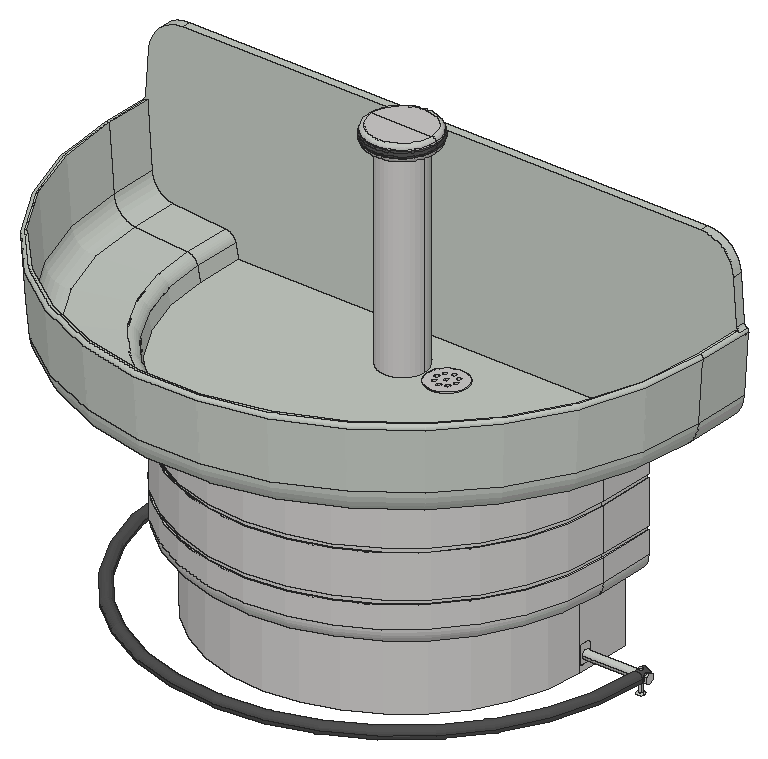
Revit family "Washfountain_Lavatory-Bradley_Corp-WF2504-Type_O_Drain", category Plumbing Fixtures, Revit 2012 (continued)
Lines and regions (in)
  model lines, not visible
    curve 172: arc (21.00049, -5.09016, 0) -> (0, -26.09065, 0) -> (-21.00049, -5.09016, 0) r 21.00049
    curve 173: line (21.00049, -4.125, 0) -> (21.00049, -5.09016, 0)
  sketch lines
    curve 17: line (-26.97649, -5.09016, 29.5) -> (-26.97649, 0, 29.5)
    curve 18: arc (-26.97649, -5.09016, 29.5) -> (0, -32.06665, 29.5) -> (26.97649, -5.09016, 29.5) r 26.97649
    curve 19: line (26.97649, -5.09016, 29.5) -> (26.97649, 0, 29.5)
    curve 20: line (-26.97649, -5.09016, 29.5) -> (-26.97649, 0, 29.5)
    curve 21: arc (-26.97649, -5.09016, 29.5) -> (0, -32.06665, 29.5) -> (26.97649, -5.09016, 29.5) r 26.97649
    curve 22: line (26.97649, -5.09016, 29.5) -> (26.97649, 0, 29.5)
    curve 26: line (-18.00049, 0, 19) -> (-18.00049, -5.09016, 19)
    curve 27: arc (-18.00049, -5.09016, 19) -> (0, -23.09065, 19) -> (18.00049, -5.09016, 19) r 18.00049
    curve 28: line (18.00049, -5.09016, 19) -> (18.00049, 0, 19)
    curve 29: line (-18.00049, 0, 19) -> (-18.00049, -5.09016, 19)
    curve 30: arc (-18.00049, -5.09016, 19) -> (0, -23.09065, 19) -> (18.00049, -5.09016, 19) r 18.00049
    curve 31: line (18.00049, -5.09016, 19) -> (18.00049, 0, 19)
    curve 32: line (-18.00049, 0, 19) -> (-18.00049, -5.09016, 19)
    curve 33: arc (-18.00049, -5.09016, 19) -> (0, -23.09065, 19) -> (18.00049, -5.09016, 19) r 18.00049
    curve 34: line (18.00049, -5.09016, 19) -> (18.00049, 0, 19)
    curve 35: line (-18.00049, 0, 19) -> (-18.00049, -5.09016, 19)
    curve 36: arc (-18.00049, -5.09016, 19) -> (0, -23.09065, 19) -> (18.00049, -5.09016, 19) r 18.00049
    curve 37: line (18.00049, -5.09016, 19) -> (18.00049, 0, 19)
    curve 174: line (-21.00049, -5.09016, 0) -> (-21.00049, -4.125, 0)
    curve 175: arc (21.00049, -5.09016, 0) -> (0, -26.09065, 0) -> (-21.00049, -5.09016, 0) r 21.00049
    curve 176: line (21.00049, -4.125, 0) -> (21.00049, -5.09016, 0)
  symbolic lines, visible <- "Standard Height"
    curve 38: line (-15.8525, 0, 6.50286) -> (15.85299, 0, 6.50286)
    curve 59: line (0, -20.94266, 6.50286) -> (0, 0, 6.50286)
  symbolic lines, visible <- "Standard Height", detail levels fine
    curve 39: line (17.87156, 0, 10.0615) -> (-17.87156, 0, 10.0615)
    curve 41: line (17.87156, 0, 10.43646) -> (-17.87156, 0, 10.43646)
    curve 42: line (17.87156, 0, 14.24904) -> (-17.87156, 0, 14.24904)
    curve 44: line (17.87156, 0, 14.624) -> (-17.87156, 0, 14.624)
    curve 60: line (0, -22.9605, 10.0615) -> (0, 0, 10.0615)
    curve 61: line (0, -22.9605, 10.43646) -> (0, 0, 10.43646)
    curve 63: line (0, -22.9605, 14.24904) -> (0, 0, 14.24904)
    curve 64: line (0, -22.9605, 14.624) -> (0, 0, 14.624)
  symbolic lines, visible <- "Standard Height", detail levels medium
    curve 40: line (-17.87156, 0, 10.24898) -> (17.87156, 0, 10.24898)
    curve 43: line (-17.87156, 0, 14.43652) -> (17.87156, 0, 14.43652)
    curve 62: line (0, -22.9605, 10.24898) -> (0, 0, 10.24898)
    curve 65: line (0, -22.9605, 14.43652) -> (0, 0, 14.43652)
  symbolic lines, visible <- "Juvenile Height"
    curve 45: line (-15.8525, 0, 9.1514) -> (15.8525, 0, 9.1514)
    curve 52: line (0, -20.94266, 9.1514) -> (0, 0, 9.1514)
  symbolic lines, visible <- "Juvenile Height", detail levels fine
    curve 46: line (17.89889, 0, 11.95585) -> (-17.89889, 0, 11.95585)
    curve 47: line (-17.89889, 0, 12.25134) -> (17.89889, 0, 12.25134)
    curve 49: line (17.89889, 0, 15.25592) -> (-17.89889, 0, 15.25592)
    curve 50: line (-17.89889, 0, 15.55141) -> (17.89889, 0, 15.55141)
    curve 53: line (0, -22.98904, 11.95585) -> (0, 0, 11.95585)
    curve 54: line (0, -22.98904, 12.25134) -> (0, 0, 12.25134)
    curve 56: line (0, -22.98904, 15.25592) -> (0, 0, 15.25592)
    curve 57: line (0, -22.98904, 15.55141) -> (0, 0, 15.55141)
  symbolic lines, visible <- "Juvenile Height", detail levels medium
    curve 48: line (17.89889, 0, 12.1036) -> (-17.89889, 0, 12.1036)
    curve 51: line (17.89889, 0, 15.40367) -> (-17.89889, 0, 15.40367)
    curve 55: line (0, -22.98904, 12.1036) -> (0, 0, 12.1036)
    curve 58: line (0, -22.98904, 15.40367) -> (0, 0, 15.40367)
  symbolic lines, detail levels coarse
    curve 66: line (0, -24.19857, 21.03318) -> (0, 0, 21.03318)
    curve 102: line (26.76758, 0, 29.5) -> (26.99999, 0, 29.5)
    curve 103: line (-26.76758, 0, 29.5) -> (-26.99999, 0, 29.5)
  symbolic lines, detail levels medium+fine
    curve 67: arc (0, -24.5796, 21.06589) -> (0, -20.96589, 20.75555) -> (0, -17.33954, 20.68645) r 54.45771
    curve 68: arc (-19.4921, -32.2274, 21.06542) -> (0, -32.2274, 20.35292) -> (19.4921, -32.2274, 21.06542) r 266.9846
    curve 73: line (-3.035, -5.25, 38.30527) -> (3.035, -5.25, 38.30527)
    curve 76: line (3.035, -5.25, 37.80542) -> (-3.03521, -5.25, 37.80542)
    curve 86: line (0, -2.215, 38.30527) -> (0, -8.28501, 38.30527)
    curve 89: line (0, -8.285, 37.80542) -> (0, -2.21501, 37.80542)
    curve 155: circle (0, -5.25, 38.75) r 3.035 normal (0, 0, 1)
    curve 209: circle (4, -5.25, 29.5) r 1.25 normal (0, 0, 1)
    curve 210: circle (4, -5.25, 29.5) r 0.1842 normal (0, 0, 1)
    curve 211: circle (4, -4.37229, 29.5) r 0.1842 normal (0, 0, 1)
    curve 212: circle (4.62063, -4.62937, 29.5) r 0.1842 normal (0, 0, 1)
    curve 213: circle (4.87771, -5.25, 29.5) r 0.1842 normal (0, 0, 1)
    curve 214: circle (4.62063, -5.87063, 29.5) r 0.1842 normal (0, 0, 1)
    curve 215: circle (4, -6.12771, 29.5) r 0.1842 normal (0, 0, 1)
    curve 216: circle (3.37937, -5.87063, 29.5) r 0.1842 normal (0, 0, 1)
    curve 217: circle (3.12229, -5.25, 29.5) r 0.1842 normal (0, 0, 1)
    curve 218: circle (3.37937, -4.62937, 29.5) r 0.1842 normal (0, 0, 1)
  symbolic lines, visible <- "Sensor Module", detail levels fine
    curve 69: line (-4.49987, -5.25, 41.68459) -> (4.49987, -5.25, 41.68459)
    curve 92: line (0, -0.75014, 41.68459) -> (0, -9.75014, 41.68459)
  symbolic lines, visible <- "Sensor Module", detail levels medium
    curve 70: line (4.57537, -5.25, 40.23512) -> (-4.57537, -5.25, 40.23512)
    curve 93: line (0, -9.82537, 40.23512) -> (0, -0.67463, 40.23512)
  symbolic lines, visible <- "Sensor Module"
    curve 71: line (-2, -5.25, 39.40962) -> (1.99689, -5.25, 39.40962)
    curve 94: line (0, -3.25001, 39.40962) -> (0, -7.25, 39.40962)
  symbolic lines, detail levels medium
    curve 72: line (-3.125, -5.25, 38.30527) -> (-3.035, -5.25, 38.30527)
    curve 74: line (3.035, -5.25, 38.30527) -> (3.125, -5.25, 38.30527)
    curve 75: line (3.125, -5.25, 37.80542) -> (3.035, -5.25, 37.80542)
    curve 77: line (-3.03521, -5.25, 37.80542) -> (-3.125, -5.25, 37.80542)
    curve 85: line (0, -2.125, 38.30527) -> (0, -2.215, 38.30527)
    curve 87: line (0, -8.28501, 38.30527) -> (0, -8.375, 38.30527)
    curve 88: line (0, -8.375, 37.80542) -> (0, -8.285, 37.80542)
    curve 90: line (0, -2.21501, 37.80542) -> (0, -2.125, 37.80542)
  symbolic lines
    curve 78: line (-2, -5.25, 37.36037) -> (2, -5.25, 37.36037)
    curve 91: line (0, -3.25001, 37.36037) -> (0, -7.25001, 37.36037)
    curve 101: line (-26.76758, 0, 29.5) -> (26.76758, 0, 29.5)
    curve 146: line (-18.00049, -5.09016, 29.5) -> (-18.00049, -0.8003, 29.5)
    curve 147: arc (-18.00049, -5.09016, 29.5) -> (0, -23.09065, 29.5) -> (18.00049, -5.09016, 29.5) r 18.00049
    curve 148: line (18.00049, -0.8003, 29.5) -> (18.00049, -5.09016, 29.5)
    curve 156: line (-26.99999, -0.8003, 29.5) -> (26.99999, -0.8003, 29.5)
    curve 204: line (-26.50049, -5.09016, 29.5) -> (-26.50049, -0.8003, 29.5)
    curve 205: arc (26.50049, -5.09016, 29.5) -> (0, -31.59065, 29.5) -> (-26.50049, -5.09016, 29.5) r 26.50049
    curve 206: line (26.50049, -0.8003, 29.5) -> (26.50049, -5.09016, 29.5)
    curve 208: circle (4, -5.25, 29.5) r 1.75 normal (0, 0, 1)
  symbolic lines, visible <- "Soap Dispenser", detail levels medium+fine
    curve 79: line (-6.24592, -5.25, 46.25047) -> (6.24592, -5.25, 46.25047)
    curve 96: line (0, -11.49592, 46.25047) -> (0, -3, 46.25047)
    curve 151: line (-5.85471, -3, 47.25) -> (-5.85471, -5.25, 47.25)
    curve 152: arc (5.85471, -5.25, 47.25) -> (0, -11.10471, 47.25) -> (-5.85471, -5.25, 47.25) r 5.85471
    curve 153: line (5.85471, -5.25, 47.25) -> (5.85471, -3, 47.25)
  symbolic lines, visible <- "Soap Dispenser", detail levels fine
    curve 80: line (6.24592, -5.25, 46.87642) -> (-6.24592, -5.25, 46.87642)
    curve 81: line (-5.97, -5.25, 45.63597) -> (5.97, -5.25, 45.63597)
    curve 82: line (5.93, -5.25, 44.38597) -> (-5.93, -5.25, 44.38597)
    curve 83: line (-5.88598, -5.25, 43.13598) -> (5.88598, -5.25, 43.13598)
    curve 84: line (5.85471, -5.25, 41.88597) -> (-5.85471, -5.25, 41.88597)
    curve 95: line (0, -11.49592, 46.87642) -> (0, -3, 46.87642)
    curve 97: line (0, -11.22, 45.63597) -> (0, -3, 45.63597)
    curve 98: line (0, -11.18, 44.38597) -> (0, -3, 44.38597)
    curve 99: line (0, -11.13598, 43.13598) -> (0, -3, 43.13598)
    curve 100: line (0, -11.10471, 41.88597) -> (0, -3, 41.88597)
  model lines, visible <- "Towel Dispenser", detail levels fine
    curve 106: spline (3.55188, -13.597, 53.37502) -> (3.64368, -13.43362, 56.41615) -> (3.91281, -12.95459, 59.25002) -> (4.34094, -12.19257, 61.68353) -> (4.89888, -11.19948, 63.55082) -> (5.54862, -10.04301, 64.72465) -> (6.24588, -8.80197, 65.12502) -> (6.94314, -7.56092, 64.72465) -> (7.59288, -6.40445, 63.55082) -> (8.15082, -5.41136, 61.68353) -> (8.57895, -4.64934, 59.25002) -> (8.84808, -4.17032, 56.41615) -> (8.93988, -4.00693, 53.37502)
    curve 107: spline (-8.93988, -4.00693, 53.37502) -> (-8.84808, -4.17032, 56.41615) -> (-8.57895, -4.64934, 59.25002) -> (-8.15082, -5.41136, 61.68353) -> (-7.59288, -6.40445, 63.55082) -> (-6.94314, -7.56092, 64.72465) -> (-6.24588, -8.80197, 65.12502) -> (-5.54862, -10.04301, 64.72465) -> (-4.89888, -11.19948, 63.55082) -> (-4.34094, -12.19257, 61.68353) -> (-3.91281, -12.95459, 59.25002) -> (-3.64368, -13.43362, 56.41615) -> (-3.55188, -13.597, 53.37502)
    curve 140: spline (-7.98129, -5.71312, 55.97659) -> (-7.96197, -5.74749, 56.01066) -> (-7.94398, -5.77953, 56.11056) -> (-7.92852, -5.80703, 56.26948) -> (-7.91666, -5.82814, 56.47659) -> (-7.90921, -5.84141, 56.71777) -> (-7.90667, -5.84593, 56.97659) -> (-7.90921, -5.84141, 57.2354) -> (-7.91666, -5.82814, 57.47659) -> (-7.92852, -5.80703, 57.68369) -> (-7.94398, -5.77953, 57.84261) -> (-7.96197, -5.74749, 57.94251) -> (-7.98129, -5.71312, 57.97659) -> (-8.0006, -5.67874, 57.94251) -> (-8.0186, -5.64671, 57.84261) -> (-8.03405, -5.6192, 57.68369) -> (-8.04591, -5.59809, 57.47659) -> (-8.05337, -5.58483, 57.2354) -> (-8.05591, -5.5803, 56.97659) -> (-8.05337, -5.58483, 56.71777) -> (-8.04591, -5.59809, 56.47659) -> (-8.03405, -5.6192, 56.26948) -> (-8.0186, -5.64671, 56.11056) -> (-8.0006, -5.67874, 56.01066) -> (-7.98129, -5.71312, 55.97659)
    curve 141: spline (4.51047, -11.89081, 55.97659) -> (4.52978, -11.85644, 56.01066) -> (4.54778, -11.82441, 56.11056) -> (4.56324, -11.7969, 56.26948) -> (4.57509, -11.77579, 56.47659) -> (4.58255, -11.76252, 56.71777) -> (4.58509, -11.758, 56.97659) -> (4.58255, -11.76252, 57.2354) -> (4.57509, -11.77579, 57.47659) -> (4.56324, -11.7969, 57.68369) -> (4.54778, -11.82441, 57.84261) -> (4.52978, -11.85644, 57.94251) -> (4.51047, -11.89081, 57.97659) -> (4.49116, -11.92519, 57.94251) -> (4.47316, -11.95722, 57.84261) -> (4.45771, -11.98473, 57.68369) -> (4.44585, -12.00584, 57.47659) -> (4.43839, -12.01911, 57.2354) -> (4.43585, -12.02363, 56.97659) -> (4.43839, -12.01911, 56.71777) -> (4.44585, -12.00584, 56.47659) -> (4.45771, -11.98473, 56.26948) -> (4.47316, -11.95722, 56.11056) -> (4.49116, -11.92519, 56.01066) -> (4.51047, -11.89081, 55.97659)
  symbolic lines, visible <- "Towel Dispenser"
    curve 108: line (-8.93988, -27, 66.62567) -> (-3.55188, -27, 66.62567)
    curve 109: line (-0.06458, -27, 67.313) -> (-3.55188, -27, 66.62567)
    curve 110: line (3.55188, -27, 66.62567) -> (0.06458, -27, 67.313)
    curve 111: line (8.93988, -27, 66.62567) -> (3.55188, -27, 66.62567)
    curve 112: line (3.55188, -27, 53.37502) -> (3.55188, -27, 66.62567)
    curve 113: line (-3.55188, -27, 66.62567) -> (-3.55188, -27, 53.37502)
    curve 114: line (-8.93988, -27, 53.37502) -> (-3.55188, -27, 53.37502)
    curve 115: line (-3.55188, -27, 53.37502) -> (-1.59028, -27, 52)
    curve 116: line (1.59028, -27, 52) -> (3.55188, -27, 53.37502)
    curve 125: line (0.06458, -27, 67.313) -> (0.06458, -27, 52)
    curve 126: line (-0.06458, -27, 52) -> (-0.06458, -27, 67.313)
    curve 130: line (0, -4.00693, 66.62567) -> (0, -2.04766, 67.313)
    curve 131: line (0, -4.00693, 66.62567) -> (0, -13.597, 66.62567)
    curve 132: line (0, -4.00693, 53.37502) -> (0, -4.00693, 66.62567)
    curve 133: line (0, -4.00693, 53.37502) -> (0, -13.597, 53.37502)
    curve 134: line (0, -2.90484, 52) -> (0, -4.00693, 53.37502)
    curve 145: line (8.93988, -27, 53.37502) -> (3.55188, -27, 53.37502)
    curve 149: line (-6.97827, -2.90484, 52) -> (-1.59028, -12.49491, 52)
    curve 150: line (6.97827, -2.90484, 52) -> (1.59028, -12.49491, 52)
    curve 157: line (-0.06458, -11.63773, 52) -> (-5.45258, -2.04766, 52)
    curve 158: line (5.45258, -2.04766, 52) -> (0.06458, -11.63773, 52)
    curve 160: line (-5.45258, 3, 67.313) -> (-5.45258, 3, 52)
    curve 161: line (5.45258, 3, 67.313) -> (5.45258, 3, 52)
    curve 162: line (5.45258, 3, 66.62567) -> (-5.45258, 3, 66.62567)
    curve 163: line (-5.45258, 3, 66.12567) -> (5.45258, 3, 66.12567)
    curve 164: line (5.45258, 3, 53.5786) -> (-5.45258, 3, 53.5786)
    curve 165: line (-5.45258, 3, 53.0786) -> (5.45258, 3, 53.0786)
    curve 166: line (-2, 3, 66.12567) -> (-2, 3, 53.5786)
    curve 167: line (2, 3, 66.12567) -> (2, 3, 53.5786)
    curve 168: line (-2, 3, 53.0786) -> (-2, 3, 52)
    curve 169: line (2, 3, 53.0786) -> (2, 3, 52)
    curve 170: line (-2, -27, 52) -> (2, -27, 52)
  symbolic lines, visible <- "Towel Dispenser", detail levels medium+fine
    curve 117: line (3.86374, -27, 53.0786) -> (7.78228, -27, 53.0786)
    curve 118: spline (7.78228, -27, 53.0786) -> (7.85835, -27, 53.06528) -> (7.89121, -27, 53.02621) -> (7.87863, -27, 52.96406) -> (7.82146, -27, 52.88306) -> (7.7236, -27, 52.78873) -> (7.59171, -27, 52.68751) -> (7.43479, -27, 52.58629) -> (7.26353, -27, 52.49197) -> (7.08959, -27, 52.41097) -> (6.92485, -27, 52.34882) -> (6.78051, -27, 52.30975) -> (6.66642, -27, 52.29642)
    curve 119: line (6.66642, -27, 52.29642) -> (2.74787, -27, 52.29642)
    curve 120: spline (2.74787, -27, 52.29642) -> (2.6718, -27, 52.30975) -> (2.63894, -27, 52.34882) -> (2.65152, -27, 52.41097) -> (2.70869, -27, 52.49197) -> (2.80656, -27, 52.58629) -> (2.93844, -27, 52.68751) -> (3.09536, -27, 52.78873) -> (3.26663, -27, 52.88306) -> (3.44056, -27, 52.96406) -> (3.60531, -27, 53.02621) -> (3.74965, -27, 53.06528) -> (3.86374, -27, 53.0786)
    curve 121: line (-3.86374, -27, 53.0786) -> (-7.78228, -27, 53.0786)
    curve 122: spline (-7.78228, -27, 53.0786) -> (-7.85835, -27, 53.06528) -> (-7.89121, -27, 53.02621) -> (-7.87863, -27, 52.96406) -> (-7.82146, -27, 52.88306) -> (-7.7236, -27, 52.78873) -> (-7.59171, -27, 52.68751) -> (-7.43479, -27, 52.58629) -> (-7.26353, -27, 52.49197) -> (-7.08959, -27, 52.41097) -> (-6.92485, -27, 52.34882) -> (-6.78051, -27, 52.30975) -> (-6.66642, -27, 52.29642)
    curve 123: line (-6.66642, -27, 52.29642) -> (-2.74787, -27, 52.29642)
    curve 124: spline (-2.74787, -27, 52.29642) -> (-2.6718, -27, 52.30975) -> (-2.63894, -27, 52.34882) -> (-2.65152, -27, 52.41097) -> (-2.70869, -27, 52.49197) -> (-2.80656, -27, 52.58629) -> (-2.93844, -27, 52.68751) -> (-3.09536, -27, 52.78873) -> (-3.26663, -27, 52.88306) -> (-3.44056, -27, 52.96406) -> (-3.60531, -27, 53.02621) -> (-3.74965, -27, 53.06528) -> (-3.86374, -27, 53.0786)
    curve 135: line (0, -5.07708, 53.0786) -> (0, -12.05168, 53.0786)
    curve 136: spline (0, -12.05168, 53.0786) -> (0, -12.21024, 53.06528) -> (0, -12.33662, 53.02621) -> (0, -12.42223, 52.96406) -> (0, -12.46122, 52.88306) -> (0, -12.45094, 52.78873) -> (0, -12.39209, 52.68751) -> (0, -12.28868, 52.58629) -> (0, -12.14776, 52.49197) -> (0, -11.97892, 52.41097) -> (0, -11.79369, 52.34882) -> (0, -11.60467, 52.30975) -> (0, -11.42476, 52.29642)
    curve 137: line (0, -11.42476, 52.29642) -> (0, -4.45016, 52.29642)
    curve 138: spline (0, -4.45016, 52.29642) -> (0, -4.29161, 52.30975) -> (0, -4.16522, 52.34882) -> (0, -4.07961, 52.41097) -> (0, -4.04062, 52.49197) -> (0, -4.0509, 52.58629) -> (0, -4.10975, 52.68751) -> (0, -4.21316, 52.78873) -> (0, -4.35409, 52.88306) -> (0, -4.52292, 52.96406) -> (0, -4.70815, 53.02621) -> (0, -4.89717, 53.06528) -> (0, -5.07708, 53.0786)
  symbolic lines, visible <- "Towel Dispenser", detail levels fine
    curve 127: spline (3.55188, -27, 53.37502) -> (3.64368, -27, 56.41615) -> (3.91281, -27, 59.25002) -> (4.34094, -27, 61.68353) -> (4.89888, -27, 63.55082) -> (5.54862, -27, 64.72465) -> (6.24588, -27, 65.12502) -> (6.94314, -27, 64.72465) -> (7.59288, -27, 63.55082) -> (8.15082, -27, 61.68353) -> (8.57895, -27, 59.25002) -> (8.84808, -27, 56.41615) -> (8.93988, -27, 53.37502)
    curve 128: spline (-8.93988, -27, 53.37502) -> (-8.84808, -27, 56.41615) -> (-8.57895, -27, 59.25002) -> (-8.15082, -27, 61.68353) -> (-7.59288, -27, 63.55082) -> (-6.94314, -27, 64.72465) -> (-6.24588, -27, 65.12502) -> (-5.54862, -27, 64.72465) -> (-4.89888, -27, 63.55082) -> (-4.34094, -27, 61.68353) -> (-3.91281, -27, 59.25002) -> (-3.64368, -27, 56.41615) -> (-3.55188, -27, 53.37502)
    curve 139: spline (0, -4.00693, 53.37502) -> (0, -4.17032, 56.41615) -> (0, -4.64934, 59.25002) -> (0, -5.41136, 61.68353) -> (0, -6.40445, 63.55082) -> (0, -7.56092, 64.72465) -> (0, -8.80197, 65.12502) -> (0, -10.04301, 64.72465) -> (0, -11.19948, 63.55082) -> (0, -12.19257, 61.68353) -> (0, -12.95459, 59.25002) -> (0, -13.43362, 56.41615) -> (0, -13.597, 53.37502)
    curve 142: spline (-7.98129, -27, 55.97659) -> (-7.96197, -27, 56.01066) -> (-7.94398, -27, 56.11056) -> (-7.92852, -27, 56.26948) -> (-7.91666, -27, 56.47659) -> (-7.90921, -27, 56.71777) -> (-7.90667, -27, 56.97659) -> (-7.90921, -27, 57.2354) -> (-7.91666, -27, 57.47659) -> (-7.92852, -27, 57.68369) -> (-7.94398, -27, 57.84261) -> (-7.96197, -27, 57.94251) -> (-7.98129, -27, 57.97659) -> (-8.0006, -27, 57.94251) -> (-8.0186, -27, 57.84261) -> (-8.03405, -27, 57.68369) -> (-8.04591, -27, 57.47659) -> (-8.05337, -27, 57.2354) -> (-8.05591, -27, 56.97659) -> (-8.05337, -27, 56.71777) -> (-8.04591, -27, 56.47659) -> (-8.03405, -27, 56.26948) -> (-8.0186, -27, 56.11056) -> (-8.0006, -27, 56.01066) -> (-7.98129, -27, 55.97659)
    curve 143: spline (4.51047, -27, 55.97659) -> (4.52978, -27, 56.01066) -> (4.54778, -27, 56.11056) -> (4.56324, -27, 56.26948) -> (4.57509, -27, 56.47659) -> (4.58255, -27, 56.71777) -> (4.58509, -27, 56.97659) -> (4.58255, -27, 57.2354) -> (4.57509, -27, 57.47659) -> (4.56324, -27, 57.68369) -> (4.54778, -27, 57.84261) -> (4.52978, -27, 57.94251) -> (4.51047, -27, 57.97659) -> (4.49116, -27, 57.94251) -> (4.47316, -27, 57.84261) -> (4.45771, -27, 57.68369) -> (4.44585, -27, 57.47659) -> (4.43839, -27, 57.2354) -> (4.43585, -27, 56.97659) -> (4.43839, -27, 56.71777) -> (4.44585, -27, 56.47659) -> (4.45771, -27, 56.26948) -> (4.47316, -27, 56.11056) -> (4.49116, -27, 56.01066) -> (4.51047, -27, 55.97659)
    curve 144: spline (0, -5.71312, 55.97659) -> (0, -5.74749, 56.01066) -> (0, -5.77953, 56.11056) -> (0, -5.80703, 56.26948) -> (0, -5.82814, 56.47659) -> (0, -5.84141, 56.71777) -> (0, -5.84593, 56.97659) -> (0, -5.84141, 57.2354) -> (0, -5.82814, 57.47659) -> (0, -5.80703, 57.68369) -> (0, -5.77953, 57.84261) -> (0, -5.74749, 57.94251) -> (0, -5.71312, 57.97659) -> (0, -5.67874, 57.94251) -> (0, -5.64671, 57.84261) -> (0, -5.6192, 57.68369) -> (0, -5.59809, 57.47659) -> (0, -5.58483, 57.2354) -> (0, -5.5803, 56.97659) -> (0, -5.58483, 56.71777) -> (0, -5.59809, 56.47659) -> (0, -5.6192, 56.26948) -> (0, -5.64671, 56.11056) -> (0, -5.67874, 56.01066) -> (0, -5.71312, 55.97659)
  symbolic lines, visible <- "Sensor Module", detail levels medium+fine
    curve 154: circle (0, -5.25, 42.25) r 2.10282 normal (0, 0, 1)
  symbolic lines, visible <- "Foot Control Valve"
    curve 177: line (-15.978, 0, 1.796) -> (-20.65712, 0, 1.796)
    curve 178: line (-15.978, 0, 1.054) -> (-20.65712, 0, 1.054)
    curve 179: arc (-20.88349, 0, 1.925) -> (-20.50058, 0, 1.425) -> (-20.88349, 0, 0.925) r 0.5179
    curve 184: line (15.978, 0, 1.796) -> (20.65712, 0, 1.796)
    curve 185: line (15.978, 0, 1.054) -> (20.65712, 0, 1.054)
    curve 186: arc (20.88349, 0, 1.925) -> (20.50058, 0, 1.425) -> (20.88349, 0, 0.925) r 0.5179
  symbolic lines, visible <- "Foot Control Valve", detail levels fine
    curve 180: line (-21.53456, 0, 1.796) -> (-21.53456, 0, 1.054)
    curve 181: line (-21.80027, 0, 1.64221) -> (-21.53456, 0, 1.64221)
    curve 182: line (-21.80027, 0, 1.21324) -> (-21.53456, 0, 1.21324)
    curve 183: line (-21.11749, 0, 0.12175) -> (-20.88349, 0, 0.12175)
    curve 187: line (21.53456, 0, 1.796) -> (21.53456, 0, 1.054)
    curve 188: line (21.80027, 0, 1.64221) -> (21.53456, 0, 1.64221)
    curve 189: line (21.80027, 0, 1.21324) -> (21.53456, 0, 1.21324)
    curve 190: line (21.11749, 0, 0.12175) -> (20.88349, 0, 0.12175)
    curve 192: arc (0, -4.996, 1.425) -> (0, -4.625, 1.796) -> (0, -4.254, 1.425) r 0.371
    curve 193: arc (0, -4.254, 1.425) -> (0, -4.625, 1.054) -> (0, -4.996, 1.425) r 0.371
    curve 194: line (0, -4.12723, 2.04222) -> (0, -4.12723, 1.925)
    curve 195: arc (0, -4.12723, 0.91722) -> (0, -4.20046, 0.74044) -> (0, -4.37723, 0.66722) r 0.25
    curve 196: line (0, -4.37723, 0.66722) -> (0, -4.508, 0.66722)
    curve 197: arc (0, -4.87723, 0.66722) -> (0, -5.05401, 0.74044) -> (0, -5.12723, 0.91722) r 0.25
    curve 198: arc (0, -5.12723, 2.04222) -> (0, -5.05401, 2.219) -> (0, -4.87723, 2.29222) r 0.25
    curve 199: line (0, -4.87723, 2.29222) -> (0, -4.37723, 2.29222)
    curve 200: arc (0, -4.37723, 2.29222) -> (0, -4.20046, 2.219) -> (0, -4.12723, 2.04222) r 0.25
    curve 202: line (0, -5.12723, 1.925) -> (0, -5.12723, 2.04222)
    curve 203: line (0, -4.742, 0.66722) -> (0, -4.87723, 0.66722)
  symbolic lines, not visible, detail levels fine
    curve 201: line (0, -4.12723, 1.73022) -> (0, -4.12723, 0.91722)
  model lines, detail levels medium+fine
    curve 207: circle (4, -5.25, 19.55176) r 1.25 normal (0, 0, 1)
  symbolic lines, visible <- "Button Visibility"
    curve 219: circle (0, -5.25, 40.8851) r 0.5 normal (0, -1, 0)
Dimensions and locks (in)
  equal spacing: plane 4 "Left", plane 3 "Center (Left/Right)", plane 5 "Right"
  "Width": plane 4 "Left" to plane 5 "Right"
  "Towel Dispenser Height": plane 6 "Towel Dispenser" to plane 2
  "Soap Dispenser Height": plane 7 "Soap Dispenser" to plane 2
  "Sensor Module Height": plane 8 "Sensor Module" to plane 2
  "Spray Head Height": plane 9 "Spray Head" to plane 2
  "Rim Height": plane 10 "Rim Height" to plane 2
  "Pedestal Height": plane 11 "Pedestal Height" to plane 2
  equal spacing: curve 14, plane 3 "Center (Left/Right)", curve 16
  locked: plane 7 "Soap Dispenser" to Revolve 7 sketch curve at 6
  locked: plane 9 "Spray Head" to Revolve 10 sketch curve at 1.38963
  locked: plane 7 "Soap Dispenser" to Extrusion 14 sketch curve at 6
  locked: plane 8 "Sensor Module" to Revolve 15 sketch curve at 2.84038
  locked: plane 8 "Sensor Module" to Revolve 16 sketch curve at 2.84038
  locked: plane 8 "Sensor Module" to Masking region 13 sketch curve at 2.84038  (x2)
  locked: plane 8 "Sensor Module" to Masking region 14 sketch curve at 2.84038  (x2)
  locked: plane 9 "Spray Head" to Masking region 15 sketch curve at 1.39  (x2)
  locked: plane 9 "Spray Head" to Masking region 16 sketch curve at 1.39
  locked: plane 9 "Spray Head" to Masking region 16 sketch curve at 1.38963
  locked: plane 7 "Soap Dispenser" to Masking region 17 sketch curve at 6
  locked: plane 7 "Soap Dispenser" to Masking region 18 sketch curve at 6
  locked: plane 9 "Spray Head" to Revolve 9 sketch curve at 1.38963
  locked: plane 9 "Spray Head" to Masking region 19 sketch curve at 1.38963  (x2)
  locked: plane 9 "Spray Head" to Masking region 20 sketch curve at 1.38963  (x2)
  locked: plane 8 "Sensor Module" to Masking region 21 sketch curve at 2.84038  (x2)
  locked: plane 8 "Sensor Module" to Masking region 22 sketch curve at 2.84038  (x2)
  locked: Extrusion 17 sketch curve to curve 104 at 4
  locked: curve 104 to Extrusion 17 sketch curve at 15.313
  locked: curve 104 to Extrusion 17 sketch curve at 15.16279
  locked: curve 105 to Extrusion 18 sketch curve at 4
  locked: curve 105 to Extrusion 18 sketch curve at 15.16279
  locked: curve 105 to Extrusion 18 sketch curve at 15.313
  locked: Masking region 25 sketch curve to plane 6 "Towel Dispenser" at 15.313
  locked: Extrusion 19 to Extrusion 17 at 1
  "Towel Dispenser Holder": plane 6 "Towel Dispenser" to Extrusion 19
  "Towel Dispenser Holder": plane 6 "Towel Dispenser" to Masking region 32
  locked: plane 7 "Soap Dispenser" to plane 12 at 6
  "Soap Dispenser Holder": plane 12 to Extrusion 20
  "Soap Dispenser Holder": plane 12 to Masking region 33
  "Soap Dispenser Holder": Masking region 34 to plane 12
  "Towel Dispenser Holder": plane 6 "Towel Dispenser" to Masking region 25 sketch curve
  plane 13 to plane 1 "Center (Front/Back)" = 32.2274"
  locked: Extrusion 19 to Masking region 26 sketch curve at 1
  locked: Extrusion 38 sketch curve to plane 1 "Center (Front/Back)" at 5.25
  Extrusion 38 to plane 2 = 3.000"
  locked: plane 1 "Center (Front/Back)" to Extrusion 40 at 2.5
  "Supply Height": Extrusion 39 to plane 2
  plane 7 "Soap Dispenser" to Revolve 8 sketch curve to Revolve 8 sketch curve = 0.99953" locked, 5.00047" locked
  plane 7 "Soap Dispenser" to Extrusion 13 sketch curve to Extrusion 13 sketch curve = 0.99953" locked, 5.00047" locked
  locked: plane 7 "Soap Dispenser" to Revolve 41 sketch curve at 0.99953
  locked: plane 7 "Soap Dispenser" to Extrusion 42 sketch curve at 0.99953
  Extrusion 40 sketch curve to Extrusion 40 sketch curve to plane 2 = 2.000" locked, 10.000" locked
  Extrusion 39 sketch curve to plane 3 "Center (Left/Right)" to Extrusion 39 sketch curve = 0.875" locked, 0.875" locked
  locked: Extrusion 39 sketch curve to plane 1 "Center (Front/Back)" at 4  (x2)
  locked: plane 3 "Center (Left/Right)" to Extrusion 38 sketch curve at 4
  locked: Extrusion 45 sketch curve to plane 3 "Center (Left/Right)" at 4
  locked: plane 1 "Center (Front/Back)" to Extrusion 45 at 3
  "Drain Secondary Radius": radius of Extrusion 38 sketch curve
  "Cold Lavatory Inlet Primary Radius": radius of Extrusion 39 sketch curve
  "Hot Lavatory Inlet Primary Radius": radius of Extrusion 39 sketch curve
  "Drain Primary Radius": radius of Extrusion 45 sketch curve
  aligned and locked: Revolve 7 sketch curve to plane 3 "Center (Left/Right)"
  aligned and locked: Revolve 8 sketch curve to plane 3 "Center (Left/Right)"
  aligned and locked: Revolve 9 sketch curve to plane 3 "Center (Left/Right)"
  aligned and locked: Revolve 10 sketch curve to plane 3 "Center (Left/Right)"
  aligned and locked: plane 3 "Center (Left/Right)" to Revolve 10 sketch curve
  aligned and locked: Revolve 10 sketch curve to plane 11 "Pedestal Height"
  aligned and locked: Revolve 9 sketch curve to plane 11 "Pedestal Height"
  aligned and locked: Revolve 15 sketch curve to plane 9 "Spray Head"
  aligned and locked: Revolve 15 sketch curve to plane 3 "Center (Left/Right)"
  aligned and locked: Revolve 16 sketch curve to plane 9 "Spray Head"
  aligned and locked: Revolve 16 sketch curve to plane 3 "Center (Left/Right)"
  aligned and locked: Masking region 13 sketch curve to plane 9 "Spray Head"
  aligned and locked: Masking region 14 sketch curve to plane 9 "Spray Head"
  aligned and locked: Masking region 15 sketch curve to plane 10 "Rim Height"
  aligned and locked: Masking region 16 sketch curve to plane 10 "Rim Height"
  aligned and locked: plane 10 "Rim Height" to Masking region 19 sketch curve
  aligned and locked: Masking region 20 sketch curve to plane 10 "Rim Height"
  aligned and locked: Masking region 21 sketch curve to plane 9 "Spray Head"
  aligned and locked: Masking region 22 sketch curve to plane 9 "Spray Head"
  aligned and locked: plane 6 "Towel Dispenser" to Masking region 32 sketch curve
  aligned and locked: Extrusion 20 to plane 12
  aligned and locked: Masking region 33 sketch curve to plane 12
  aligned and locked: plane 12 to Masking region 34 sketch curve
  aligned and locked: Extrusion 36 to plane 11 "Pedestal Height"
  aligned and locked: plane 10 "Rim Height" to Extrusion 36
  aligned and locked: Extrusion 37 to plane 11 "Pedestal Height"
  aligned and locked: Extrusion 38 to plane 2
  aligned and locked: Extrusion 40 to plane 1 "Center (Front/Back)"
  aligned and locked: Extrusion 39 to plane 2
  aligned and locked: Revolve 41 sketch curve to plane 3 "Center (Left/Right)"
  aligned and locked: plane 3 "Center (Left/Right)" to Extrusion 43 sketch curve
  aligned and locked: Extrusion 45 to plane 1 "Center (Front/Back)"
Automatic sketch dimensions
  curve 172 to plane 3 "Center (Left/Right)" = 0.000"
  plane 4 "Left" to curve 171 = 5.99951"
  plane 1 "Center (Front/Back)" to curve 173 = 5.09016"
  curve 173 to curve 173 = 0.96516"
  curve 171 to curve 171 = 0.96516"
  curve 25 to plane 1 "Center (Front/Back)" = 0.000"
  curve 13 to plane 1 "Center (Front/Back)" = 0.000"
  curve 24 to plane 3 "Center (Left/Right)" = 0.000"
  curve 23 to plane 1 "Center (Front/Back)" = 0.000"
  plane 3 "Center (Left/Right)" to curve 13 = 1.49945"
  curve 25 to plane 5 "Right" = 8.99951"
  curve 13 to plane 3 "Center (Left/Right)" = 1.49945"
  plane 1 "Center (Front/Back)" to curve 24 = 5.09016"
  curve 4 to plane 3 "Center (Left/Right)" = 0.000"
  plane 3 "Center (Left/Right)" to curve 3 = 3.000"
  curve 3 to plane 3 "Center (Left/Right)" = 3.000"
  curve 4 to plane 1 "Center (Front/Back)" = 3.000"
  plane 1 "Center (Front/Back)" to curve 4 = 3.000"
  curve 4 to curve 3 = 2.250"
  curve 6 to plane 3 "Center (Left/Right)" = 0.000"
  plane 3 "Center (Left/Right)" to curve 5 = 3.000"
  curve 5 to plane 3 "Center (Left/Right)" = 3.000"
  curve 6 to plane 1 "Center (Front/Back)" = 3.000"
  plane 1 "Center (Front/Back)" to curve 6 = 3.000"
  curve 6 to curve 5 = 2.250"
  curve 8 to plane 3 "Center (Left/Right)" = 0.000"
  plane 3 "Center (Left/Right)" to curve 7 = 3.000"
  curve 7 to plane 3 "Center (Left/Right)" = 3.000"
  curve 8 to plane 1 "Center (Front/Back)" = 3.000"
  plane 1 "Center (Front/Back)" to curve 8 = 3.000"
  curve 8 to curve 7 = 2.250"
  curve 9 to plane 1 "Center (Front/Back)" = 0.000"
  curve 10 to plane 3 "Center (Left/Right)" = 0.000"
  plane 3 "Center (Left/Right)" to curve 105 = 0.06458"
  curve 159 to curve 10 = 2.000"
  plane 3 "Center (Left/Right)" to curve 9 = 3.000"
  plane 3 "Center (Left/Right)" to curve 129 = 3.000"
  plane 1 "Center (Front/Back)" to curve 105 = 2.04766"
  curve 105 to curve 9 = 2.45258"
  curve 104 to plane 3 "Center (Left/Right)" = 0.06458"
  curve 159 to plane 3 "Center (Left/Right)" = 2.000"
  curve 129 to plane 3 "Center (Left/Right)" = 3.000"
  curve 9 to plane 3 "Center (Left/Right)" = 3.000"
  plane 1 "Center (Front/Back)" to curve 104 = 2.04766"
  curve 9 to curve 104 = 2.45258"
  curve 159 to plane 1 "Center (Front/Back)" = 3.000"
  plane 1 "Center (Front/Back)" to curve 10 = 3.000"
  curve 10 to curve 105 = 8.63773"
  curve 104 to curve 105 = 0.000"
  curve 129 to plane 13 = 5.2274"
  curve 12 to plane 1 "Center (Front/Back)" = 0.000"
  curve 11 to plane 3 "Center (Left/Right)" = 0.000"
  plane 3 "Center (Left/Right)" to curve 12 = 3.000"
  curve 12 to plane 3 "Center (Left/Right)" = 3.000"
  curve 11 to plane 1 "Center (Front/Back)" = 3.000"
  plane 1 "Center (Front/Back)" to curve 11 = 3.000"
  Sweep 1 sketch curve to Sweep 1 sketch curve = 0.000"  (x15)
  Sweep 1 sketch curve to profile plane = 0.000"
  Sweep 1 sketch curve to profile plane = 10.500"
  profile plane to Sweep 1 sketch curve = 24.97649"
  profile plane to Sweep 1 sketch curve = 8.64604"
  Sweep 1 sketch curve to Sweep 1 sketch curve = 0.2187"
  Sweep 1 sketch curve to Sweep 1 sketch curve = 0.49398"
  Sweep 1 sketch curve to Sweep 1 sketch curve = 0.4924"
  Sweep 1 sketch curve to Sweep 1 sketch curve = 0.40869"
  Sweep 1 sketch curve to Sweep 1 sketch curve = 0.04186"  (x2)
  profile plane to Sweep 1 sketch curve = 2.9871"
  Sweep 1 sketch curve to Sweep 1 sketch curve = 0.20015"
  Sweep 1 sketch curve to Sweep 1 sketch curve = 0.04434"
  profile plane to Sweep 1 sketch curve = 0.86727"
  profile plane to Sweep 1 sketch curve = 0.47772"
  profile plane to Sweep 1 sketch curve = 0.36849"
  profile plane to Sweep 1 sketch curve = 0.3114"
  Sweep 1 sketch curve to Sweep 1 sketch curve = 0.17484"
  Sweep 1 sketch curve to profile plane = 0.00015"
  Sweep 1 sketch curve to Sweep 1 sketch curve = 0.42263"
  Sweep 1 sketch curve to Sweep 1 sketch curve = 0.00053"
  Sweep 1 sketch curve to Sweep 1 sketch curve = 1.14454"
  Sweep 1 sketch curve to Sweep 1 sketch curve = 0.08682"  (x2)
  Sweep 1 sketch curve to Sweep 1 sketch curve = 0.39837"
  Sweep 1 sketch curve to Sweep 1 sketch curve = 0.49804"
  Sweep 1 sketch curve to Sweep 1 sketch curve = 1.93244"
  Sweep 1 sketch curve to profile plane = 0.33398"
  Sweep 2 sketch curve to profile plane = 0.000"
  Sweep 2 sketch curve to profile plane = 9.99947"
  profile plane to Sweep 2 sketch curve = 24.97641"
  profile plane to Sweep 2 sketch curve = 8.64604"
  Sweep 2 sketch curve to Sweep 2 sketch curve = 0.35242"
  Sweep 2 sketch curve to Sweep 2 sketch curve = 0.41946"
  Sweep 2 sketch curve to Sweep 2 sketch curve = 0.42554"
  profile plane to Sweep 2 sketch curve = 0.99431"
  profile plane to Sweep 2 sketch curve = 0.52542"
  profile plane to Sweep 2 sketch curve = 0.47772"
  Sweep 2 sketch curve to profile plane = 0.0235"
  Sweep 2 sketch curve to Sweep 2 sketch curve = 0.50053"
  Sweep 2 sketch curve to Sweep 2 sketch curve = 1.53265"
  Sweep 2 sketch curve to Sweep 2 sketch curve = 0.46601"
  Sweep 2 sketch curve to Sweep 2 sketch curve = 0.61687"
  Sweep 2 sketch curve to Sweep 2 sketch curve = 0.46237"
  Sweep 3 sketch curve to Sweep 3 sketch curve = 0.000"  (x4)
  Sweep 3 sketch curve to profile plane = 0.000"
  Sweep 3 sketch curve to profile plane = 0.00049"
  Sweep 3 sketch curve to profile plane = 0.0005"
  Sweep 3 sketch curve to profile plane = 0.00454"
  Sweep 3 sketch curve to Sweep 3 sketch curve = 0.12487"  (x4)
  Sweep 3 sketch curve to Sweep 3 sketch curve = 0.37107"
  Sweep 3 sketch curve to Sweep 3 sketch curve = 0.500"  (x2)
  Sweep 3 sketch curve to Sweep 3 sketch curve = 0.00406"
  Sweep 3 sketch curve to Sweep 3 sketch curve = 1.03001"
  Sweep 3 sketch curve to Sweep 3 sketch curve = 0.61748"
  Sweep 3 sketch curve to profile plane = 4.376"
  Sweep 3 sketch curve to Sweep 3 sketch curve = 0.375"  (x2)
  Sweep 3 sketch curve to Sweep 3 sketch curve = 3.81254"
  Sweep 3 sketch curve to Sweep 3 sketch curve = 0.37496"  (x2)
  Sweep 3 sketch curve to Sweep 3 sketch curve = 2.02863"
  Sweep 3 sketch curve to Sweep 3 sketch curve = 6.50286"
  Sweep 4 sketch curve to profile plane = 0.000"  (x2)
  Sweep 4 sketch curve to profile plane = 0.50454"
  Sweep 4 sketch curve to Sweep 4 sketch curve = 1.64345"
  Sweep 4 sketch curve to Sweep 4 sketch curve = 0.500"  (x2)
  Sweep 4 sketch curve to profile plane = 11.99714"
  Sweep 4 sketch curve to Sweep 4 sketch curve = 6.50286"
  Sweep 5 sketch curve to Sweep 5 sketch curve = 0.000"  (x4)
  Sweep 5 sketch curve to profile plane = 0.000"  (x2)
  Sweep 5 sketch curve to profile plane = 0.00001"
  Sweep 5 sketch curve to profile plane = 0.0032"
  Sweep 5 sketch curve to profile plane = 0.1016"
  Sweep 5 sketch curve to Sweep 5 sketch curve = 0.1016"  (x2)
  Sweep 5 sketch curve to Sweep 5 sketch curve = 0.29243"
  Sweep 5 sketch curve to Sweep 5 sketch curve = 0.39403"  (x2)
  Sweep 5 sketch curve to Sweep 5 sketch curve = 0.0032"
  Sweep 5 sketch curve to Sweep 5 sketch curve = 0.09841"
  Sweep 5 sketch curve to profile plane = 1.64799"
  Sweep 5 sketch curve to Sweep 5 sketch curve = 0.500"
  Sweep 5 sketch curve to Sweep 5 sketch curve = 3.44859"
  Sweep 5 sketch curve to Sweep 5 sketch curve = 0.29553"  (x2)
  Sweep 5 sketch curve to Sweep 5 sketch curve = 3.00454"
  Sweep 5 sketch curve to Sweep 5 sketch curve = 0.29549"  (x2)
  Sweep 5 sketch curve to Sweep 5 sketch curve = 1.15647"
  Sweep 5 sketch curve to Sweep 5 sketch curve = 5.1514"
  Sweep 6 sketch curve to profile plane = 0.000"  (x2)
  Sweep 6 sketch curve to profile plane = 0.500"
  Sweep 6 sketch curve to Sweep 6 sketch curve = 1.64799"
  Sweep 6 sketch curve to Sweep 6 sketch curve = 0.500"  (x2)
  Sweep 6 sketch curve to profile plane = 9.3486"
  Sweep 6 sketch curve to Sweep 6 sketch curve = 5.1514"
  Revolve 7 sketch curve to curve 7 = 0.000"  (x2)
  Revolve 7 sketch curve to curve 7 = 14.27037"
  Revolve 7 sketch curve to curve 7 = 0.11538"
  Revolve 7 sketch curve to curve 7 = 2.85471"
  Revolve 7 sketch curve to Revolve 7 sketch curve = 0.03127"
  Revolve 7 sketch curve to Revolve 7 sketch curve = 0.04402"
  Revolve 7 sketch curve to Revolve 7 sketch curve = 0.040"  (x2)
  Revolve 7 sketch curve to Revolve 7 sketch curve = 0.23592"
  curve 7 to Revolve 7 sketch curve = 3.000"
  Revolve 7 sketch curve to curve 7 = 9.94403"
  Revolve 7 sketch curve to Revolve 7 sketch curve = 0.63597"
  Revolve 7 sketch curve to Revolve 7 sketch curve = 1.25001"
  Revolve 7 sketch curve to Revolve 7 sketch curve = 1.24999"
  Revolve 7 sketch curve to Revolve 7 sketch curve = 1.250"
  Revolve 7 sketch curve to Revolve 7 sketch curve = 0.61449"
  Revolve 7 sketch curve to curve 7 = 2.05597"
  Revolve 8 sketch curve to Revolve 8 sketch curve = 0.000"
  Revolve 8 sketch curve to curve 7 = 2.85471"
  Revolve 8 sketch curve to curve 7 = 3.24592"
  Revolve 8 sketch curve to Revolve 8 sketch curve = 0.70187"
  Revolve 8 sketch curve to Revolve 8 sketch curve = 2.79766"
  Revolve 9 sketch curve to curve 3 = 0.000"
  curve 3 to Revolve 9 sketch curve = 1.000"
  curve 3 to Revolve 9 sketch curve = 0.310"  (x2)
  Revolve 9 sketch curve to curve 3 = 0.03125"  (x2)
  Revolve 9 sketch curve to curve 3 = 0.035"  (x2)
  Revolve 9 sketch curve to Revolve 9 sketch curve = 0.09375"
  Revolve 9 sketch curve to Revolve 9 sketch curve = 2.000"
  curve 3 to Revolve 9 sketch curve = 1.99429"
  Revolve 9 sketch curve to curve 3 = 0.94458"
  Revolve 9 sketch curve to curve 3 = 0.5384"
  Revolve 9 sketch curve to Revolve 9 sketch curve = 1.00571"
  curve 3 to Revolve 10 sketch curve = 1.000"
  Revolve 10 sketch curve to curve 3 = 0.00012"
  curve 3 to Revolve 10 sketch curve = 0.31985"
  curve 3 to Revolve 10 sketch curve = 0.310"
  Revolve 10 sketch curve to curve 3 = 0.125"
  curve 3 to Revolve 10 sketch curve = 1.46535"
  Revolve 10 sketch curve to curve 3 = 0.94458"
  Revolve 10 sketch curve to curve 3 = 0.44473"
  Revolve 10 sketch curve to Revolve 10 sketch curve = 0.13611"
  Extrusion 11 sketch curve to curve 1 = 0.000"  (x2)
  Extrusion 11 sketch curve to curve 1 = 0.37401"  (x2)
  Extrusion 11 sketch curve to curve 1 = 24.10086"
  curve 1 to Extrusion 11 sketch curve = 0.04217"  (x2)
  Extrusion 11 sketch curve to Extrusion 11 sketch curve = 0.27885"
  Extrusion 11 sketch curve to Extrusion 11 sketch curve = 0.1484"  (x2)
  curve 1 to Extrusion 11 sketch curve = 0.31219"
  Extrusion 11 sketch curve to curve 1 = 0.33907"  (x2)
  Extrusion 11 sketch curve to Extrusion 11 sketch curve = 0.17484"  (x2)
  Extrusion 11 sketch curve to curve 1 = 4.20977"  (x2)
  Extrusion 11 sketch curve to Extrusion 11 sketch curve = 0.27067"
  Extrusion 11 sketch curve to Extrusion 11 sketch curve = 0.55587"
  curve 1 to Extrusion 11 sketch curve = 5.57086"  (x2)
  Extrusion 11 sketch curve to Extrusion 11 sketch curve = 0.000"  (x8)
  Extrusion 11 sketch curve to Extrusion 11 sketch curve = 1.96419"
  Extrusion 11 sketch curve to Extrusion 11 sketch curve = 0.15563"  (x2)
  Extrusion 11 sketch curve to Extrusion 11 sketch curve = 2.9927"  (x2)
  Extrusion 11 sketch curve to Extrusion 11 sketch curve = 4.61107"
  Extrusion 11 sketch curve to Extrusion 11 sketch curve = 0.08372"  (x2)
  Extrusion 11 sketch curve to Extrusion 11 sketch curve = 0.98481"
  Extrusion 11 sketch curve to Extrusion 11 sketch curve = 0.2187"  (x2)
  curve 1 to Extrusion 11 sketch curve = 15.33045"
  curve 1 to Extrusion 11 sketch curve = 7.93634"
  Extrusion 11 sketch curve to Extrusion 11 sketch curve = 0.90109"
  Extrusion 11 sketch curve to Extrusion 11 sketch curve = 3.88752"
  Extrusion 11 sketch curve to Extrusion 11 sketch curve = 4.53916"
  curve 1 to Extrusion 11 sketch curve = 7.54192"
  Extrusion 11 sketch curve to Extrusion 11 sketch curve = 2.11982"
  Extrusion 11 sketch curve to Extrusion 11 sketch curve = 0.16832"
  Extrusion 11 sketch curve to Extrusion 11 sketch curve = 0.10235"
  Extrusion 11 sketch curve to Extrusion 11 sketch curve = 0.16632"
  Extrusion 11 sketch curve to Extrusion 11 sketch curve = 2.36548"
  Extrusion 11 sketch curve to Extrusion 11 sketch curve = 0.82284"  (x2)
  Extrusion 11 sketch curve to Extrusion 11 sketch curve = 1.24029"
  Extrusion 11 sketch curve to Extrusion 11 sketch curve = 1.97106"
  Extrusion 11 sketch curve to Extrusion 11 sketch curve = 0.20927"
  curve 103 to curve 1 = 0.000"
  curve 103 to curve 1 = 23.99999"
  curve 103 to curve 103 = 0.23242"
  curve 101 to curve 102 = 0.23242"
  Extrusion 12 sketch curve to curve 1 = 0.000"  (x2)
  Extrusion 12 sketch curve to curve 1 = 3.33827"  (x2)
  Extrusion 12 sketch curve to curve 1 = 23.99999"
  Extrusion 12 sketch curve to Extrusion 12 sketch curve = 0.50122"
  curve 1 to Extrusion 12 sketch curve = 7.38758"  (x2)
  Extrusion 12 sketch curve to Extrusion 12 sketch curve = 0.51659"
  Extrusion 12 sketch curve to Extrusion 12 sketch curve = 3.66224"
  Extrusion 12 sketch curve to Extrusion 12 sketch curve = 7.29931"  (x2)
  Extrusion 12 sketch curve to Extrusion 12 sketch curve = 0.35242"  (x2)
  curve 1 to Extrusion 12 sketch curve = 15.33045"
  Extrusion 12 sketch curve to Extrusion 12 sketch curve = 4.65489"
  Extrusion 12 sketch curve to Extrusion 12 sketch curve = 3.16101"
  Extrusion 12 sketch curve to Extrusion 12 sketch curve = 0.61323"  (x2)
  Extrusion 12 sketch curve to Extrusion 12 sketch curve = 1.99866"
  Extrusion 13 sketch curve to curve 7 = 3.24592"
  Extrusion 13 sketch curve to curve 7 = 2.85471"
  curve 7 to Extrusion 13 sketch curve = 2.85471"
  curve 7 to Extrusion 13 sketch curve = 3.24592"
  Extrusion 14 sketch curve to curve 7 = 0.000"  (x3)
  Extrusion 14 sketch curve to curve 7 = 14.27037"  (x2)
  Extrusion 14 sketch curve to curve 7 = 0.11538"
  Extrusion 14 sketch curve to curve 7 = 2.85471"
  Extrusion 14 sketch curve to Extrusion 14 sketch curve = 0.03127"  (x2)
  Extrusion 14 sketch curve to Extrusion 14 sketch curve = 0.04402"  (x2)
  Extrusion 14 sketch curve to Extrusion 14 sketch curve = 0.040"  (x4)
  Extrusion 14 sketch curve to Extrusion 14 sketch curve = 0.23592"
  curve 7 to Extrusion 14 sketch curve = 0.11538"
  curve 7 to Extrusion 14 sketch curve = 2.85471"
  curve 7 to Extrusion 14 sketch curve = 0.37358"
  Extrusion 14 sketch curve to Extrusion 14 sketch curve = 0.63597"  (x2)
  Extrusion 14 sketch curve to Extrusion 14 sketch curve = 1.25001"  (x2)
  Extrusion 14 sketch curve to Extrusion 14 sketch curve = 1.24999"  (x2)
  Extrusion 14 sketch curve to Extrusion 14 sketch curve = 1.250"  (x2)
  Extrusion 14 sketch curve to Extrusion 14 sketch curve = 0.62595"  (x2)
  curve 12 to Masking region 1 sketch curve = 0.000"
  Masking region 1 sketch curve to curve 12 = 15.00049"
  Masking region 1 sketch curve to Masking region 1 sketch curve = 2.14799"  (x2)
  curve 12 to Masking region 1 sketch curve = 12.8525"
  Masking region 1 sketch curve to Masking region 1 sketch curve = 12.49714"  (x2)
  Masking region 1 sketch curve to Masking region 1 sketch curve = 6.50286"
  Masking region 2 sketch curve to curve 12 = 0.000"
  curve 12 to Masking region 2 sketch curve = 4.376"  (x2)
  Masking region 2 sketch curve to curve 12 = 15.00049"
  Masking region 2 sketch curve to Masking region 2 sketch curve = 0.00001"
  Masking region 2 sketch curve to Masking region 2 sketch curve = 0.00405"
  Masking region 2 sketch curve to Masking region 2 sketch curve = 0.12893"  (x2)
  Masking region 2 sketch curve to Masking region 2 sketch curve = 0.12487"  (x2)
  Masking region 2 sketch curve to Masking region 2 sketch curve = 1.53001"  (x2)
  Masking region 2 sketch curve to Masking region 2 sketch curve = 0.61748"  (x2)
  curve 12 to Masking region 2 sketch curve = 12.85299"
  Masking region 2 sketch curve to Masking region 2 sketch curve = 1.40109"
  Masking region 2 sketch curve to Masking region 2 sketch curve = 0.000"
  Masking region 2 sketch curve to Masking region 2 sketch curve = 0.375"  (x2)
  Masking region 2 sketch curve to Masking region 2 sketch curve = 3.81254"  (x2)
  Masking region 2 sketch curve to Masking region 2 sketch curve = 0.37496"  (x2)
  Masking region 2 sketch curve to Masking region 2 sketch curve = 2.02863"  (x2)
  Masking region 2 sketch curve to Masking region 2 sketch curve = 6.50286"
  Masking region 3 sketch curve to curve 12 = 0.000"
  Masking region 3 sketch curve to curve 12 = 15.00049"
  Masking region 3 sketch curve to Masking region 3 sketch curve = 2.14799"  (x2)
  curve 12 to Masking region 3 sketch curve = 12.8525"
  Masking region 3 sketch curve to Masking region 3 sketch curve = 9.8486"  (x2)
  Masking region 3 sketch curve to Masking region 3 sketch curve = 5.1514"
  Masking region 4 sketch curve to curve 12 = 0.000"
  Masking region 4 sketch curve to curve 12 = 15.00049"
  Masking region 4 sketch curve to Masking region 4 sketch curve = 0.00001"
  Masking region 4 sketch curve to Masking region 4 sketch curve = 0.00319"
  Masking region 4 sketch curve to Masking region 4 sketch curve = 0.1016"  (x4)
  Masking region 4 sketch curve to Masking region 4 sketch curve = 1.64798"
  Masking region 4 sketch curve to Masking region 4 sketch curve = 0.500"  (x2)
  curve 12 to Masking region 4 sketch curve = 12.8525"
  Masking region 4 sketch curve to Masking region 4 sketch curve = 1.54638"
  Masking region 4 sketch curve to Masking region 4 sketch curve = 0.000"
  Masking region 4 sketch curve to Masking region 4 sketch curve = 0.09841"
  Masking region 4 sketch curve to Masking region 4 sketch curve = 3.44859"
  curve 12 to Masking region 4 sketch curve = 3.44859"
  Masking region 4 sketch curve to Masking region 4 sketch curve = 0.29553"  (x2)
  Masking region 4 sketch curve to Masking region 4 sketch curve = 3.00454"  (x2)
  Masking region 4 sketch curve to Masking region 4 sketch curve = 0.29549"  (x2)
  Masking region 4 sketch curve to Masking region 4 sketch curve = 1.15647"  (x2)
  Masking region 4 sketch curve to Masking region 4 sketch curve = 5.1514"
  Masking region 5 sketch curve to curve 1 = 0.000"  (x2)
  Masking region 5 sketch curve to curve 1 = 23.99999"
  curve 1 to Masking region 5 sketch curve = 7.84995"  (x2)
  Masking region 5 sketch curve to Masking region 5 sketch curve = 0.54892"
  Masking region 5 sketch curve to Masking region 5 sketch curve = 3.66224"
  Masking region 5 sketch curve to Masking region 5 sketch curve = 7.34266"  (x2)
  Masking region 5 sketch curve to Masking region 5 sketch curve = 0.3585"  (x2)
  curve 1 to Masking region 5 sketch curve = 15.74991"
  Masking region 5 sketch curve to curve 1 = 7.0005"
  Masking region 5 sketch curve to Masking region 5 sketch curve = 4.22934"
  Masking region 5 sketch curve to curve 1 = 3.33827"
  Masking region 5 sketch curve to Masking region 5 sketch curve = 0.61687"  (x2)
  Masking region 5 sketch curve to Masking region 5 sketch curve = 2.03318"
  Masking region 6 sketch curve to curve 1 = 0.37401"  (x2)
  Masking region 6 sketch curve to curve 1 = 24.10086"
  curve 1 to Masking region 6 sketch curve = 0.33398"  (x2)
  Masking region 6 sketch curve to Masking region 6 sketch curve = 0.12422"
  Masking region 6 sketch curve to Masking region 6 sketch curve = 0.000"  (x11)
  curve 1 to Masking region 6 sketch curve = 0.04217"
  Masking region 6 sketch curve to Masking region 6 sketch curve = 0.15463"
  Masking region 6 sketch curve to Masking region 6 sketch curve = 0.15692"
  Masking region 6 sketch curve to Masking region 6 sketch curve = 0.36864"
  curve 1 to Masking region 6 sketch curve = 5.60574"  (x2)
  Masking region 6 sketch curve to curve 1 = 0.33907"  (x2)
  Masking region 6 sketch curve to Masking region 6 sketch curve = 0.27067"  (x2)
  Masking region 6 sketch curve to Masking region 6 sketch curve = 2.37412"
  Masking region 6 sketch curve to Masking region 6 sketch curve = 0.24448"  (x2)
  Masking region 6 sketch curve to Masking region 6 sketch curve = 2.9927"  (x2)
  Masking region 6 sketch curve to Masking region 6 sketch curve = 4.69992"
  curve 1 to Masking region 6 sketch curve = 8.43458"
  Masking region 6 sketch curve to Masking region 6 sketch curve = 0.04186"
  Masking region 6 sketch curve to Masking region 6 sketch curve = 0.4924"  (x2)
  Masking region 6 sketch curve to Masking region 6 sketch curve = 0.21712"  (x2)
  Masking region 6 sketch curve to Masking region 6 sketch curve = 0.49398"  (x2)
  curve 1 to Masking region 6 sketch curve = 15.33045"
  Masking region 6 sketch curve to Masking region 6 sketch curve = 0.45055"
  Masking region 6 sketch curve to curve 1 = 7.0005"
  Masking region 6 sketch curve to Masking region 6 sketch curve = 3.84566"
  Masking region 6 sketch curve to Masking region 6 sketch curve = 4.4973"
  Masking region 6 sketch curve to curve 1 = 4.20977"
  Masking region 6 sketch curve to Masking region 6 sketch curve = 2.61861"
  curve 1 to Masking region 6 sketch curve = 0.31219"
  Masking region 6 sketch curve to Masking region 6 sketch curve = 0.06397"
  curve 1 to Masking region 6 sketch curve = 0.05534"
  Masking region 6 sketch curve to Masking region 6 sketch curve = 0.17767"
  Masking region 6 sketch curve to Masking region 6 sketch curve = 0.13388"
  Masking region 6 sketch curve to Masking region 6 sketch curve = 0.41142"
  Masking region 6 sketch curve to Masking region 6 sketch curve = 3.24026"
  Masking region 6 sketch curve to Masking region 6 sketch curve = 0.08682"
  Masking region 6 sketch curve to Masking region 6 sketch curve = 1.154"  (x2)
  Masking region 6 sketch curve to Masking region 6 sketch curve = 0.07737"
  Masking region 6 sketch curve to Masking region 6 sketch curve = 2.43048"  (x2)
  Masking region 6 sketch curve to Masking region 6 sketch curve = 3.000"
  Masking region 7 sketch curve to curve 11 = 0.000"
  curve 11 to Masking region 7 sketch curve = 3.000"
  curve 11 to Masking region 7 sketch curve = 17.94266"
  Masking region 7 sketch curve to Masking region 7 sketch curve = 2.14799"
  curve 11 to Masking region 7 sketch curve = 12.49714"
  Masking region 7 sketch curve to curve 11 = 19.000"
  Masking region 8 sketch curve to curve 11 = 0.000"
  curve 11 to Masking region 8 sketch curve = 3.000"
  curve 11 to Masking region 8 sketch curve = 17.94266"
  Masking region 8 sketch curve to Masking region 8 sketch curve = 0.58885"
  Masking region 8 sketch curve to Masking region 8 sketch curve = 1.42899"  (x2)
  Masking region 8 sketch curve to Masking region 8 sketch curve = 0.1256"
  Masking region 8 sketch curve to Masking region 8 sketch curve = 1.55864"
  Masking region 8 sketch curve to Masking region 8 sketch curve = 0.12966"
  curve 11 to Masking region 8 sketch curve = 4.376"
  Masking region 8 sketch curve to Masking region 8 sketch curve = 0.375"
  Masking region 8 sketch curve to Masking region 8 sketch curve = 3.81254"
  Masking region 8 sketch curve to Masking region 8 sketch curve = 0.37496"
  Masking region 8 sketch curve to Masking region 8 sketch curve = 2.000"
  Masking region 8 sketch curve to curve 11 = 19.000"
  Masking region 9 sketch curve to curve 11 = 0.000"
  curve 11 to Masking region 9 sketch curve = 3.000"
  curve 11 to Masking region 9 sketch curve = 17.94266"
  Masking region 9 sketch curve to Masking region 9 sketch curve = 2.14799"
  curve 11 to Masking region 9 sketch curve = 9.8486"
  Masking region 9 sketch curve to curve 11 = 15.000"
  Masking region 10 sketch curve to curve 11 = 0.000"
  curve 11 to Masking region 10 sketch curve = 3.000"
  curve 11 to Masking region 10 sketch curve = 17.94266"
  Masking region 10 sketch curve to Masking region 10 sketch curve = 0.500"
  Masking region 10 sketch curve to Masking region 10 sketch curve = 1.54638"  (x2)
  Masking region 10 sketch curve to Masking region 10 sketch curve = 0.09841"
  Masking region 10 sketch curve to Masking region 10 sketch curve = 0.1016"  (x2)
  curve 11 to Masking region 10 sketch curve = 3.44859"
  Masking region 10 sketch curve to Masking region 10 sketch curve = 0.29553"
  Masking region 10 sketch curve to Masking region 10 sketch curve = 3.00454"
  Masking region 10 sketch curve to Masking region 10 sketch curve = 0.29549"
  Masking region 10 sketch curve to Masking region 10 sketch curve = 1.15647"
  Masking region 10 sketch curve to Masking region 10 sketch curve = 5.1514"
  Masking region 11 sketch curve to curve 2 = 0.000"
  curve 2 to Masking region 11 sketch curve = 3.000"
  Masking region 11 sketch curve to curve 2 = 2.1997"
  curve 2 to Masking region 11 sketch curve = 20.84006"
  curve 2 to Masking region 11 sketch curve = 8.46682"
  Masking region 11 sketch curve to Masking region 11 sketch curve = 0.3585"
  curve 2 to Masking region 11 sketch curve = 7.84995"
  Masking region 11 sketch curve to Masking region 11 sketch curve = 7.34266"
  Masking region 11 sketch curve to Masking region 11 sketch curve = 0.54892"
  Masking region 11 sketch curve to Masking region 11 sketch curve = 2.03318"
  curve 2 to Masking region 11 sketch curve = 7.0005"
  Masking region 12 sketch curve to curve 2 = 0.000"
  curve 2 to Masking region 12 sketch curve = 3.000"
  Masking region 12 sketch curve to curve 2 = 2.1997"
  curve 2 to Masking region 12 sketch curve = 20.41796"
  Masking region 12 sketch curve to Masking region 12 sketch curve = 0.49452"
  curve 2 to Masking region 12 sketch curve = 10.07382"
  curve 2 to Masking region 12 sketch curve = 8.84553"
  Masking region 12 sketch curve to Masking region 12 sketch curve = 0.21658"
  Masking region 12 sketch curve to Masking region 12 sketch curve = 0.000"  (x3)
  curve 2 to Masking region 12 sketch curve = 8.43411"
  Masking region 12 sketch curve to Masking region 12 sketch curve = 0.45055"
  Masking region 12 sketch curve to Masking region 12 sketch curve = 0.4924"
  Masking region 12 sketch curve to Masking region 12 sketch curve = 4.4973"
  curve 2 to Masking region 12 sketch curve = 8.03575"
  Masking region 12 sketch curve to Masking region 12 sketch curve = 0.24448"
  curve 2 to Masking region 12 sketch curve = 5.60527"
  Masking region 12 sketch curve to Masking region 12 sketch curve = 2.61861"
  Masking region 12 sketch curve to Masking region 12 sketch curve = 0.03513"
  curve 2 to Masking region 12 sketch curve = 0.33351"
  Masking region 12 sketch curve to curve 2 = 10.500"
  Masking region 12 sketch curve to Masking region 12 sketch curve = 0.49824"
  curve 2 to Masking region 12 sketch curve = 7.0005"
  curve 7 to curve 80 = 0.37358"
  curve 80 to curve 7 = 3.24592"
  curve 79 to curve 80 = 0.000"
  curve 79 to curve 81 = 0.27592"
  curve 81 to curve 82 = 0.040"
  curve 82 to curve 83 = 0.04402"
  curve 83 to curve 84 = 0.03127"
  curve 7 to curve 84 = 2.85471"
  curve 84 to curve 83 = 0.03127"
